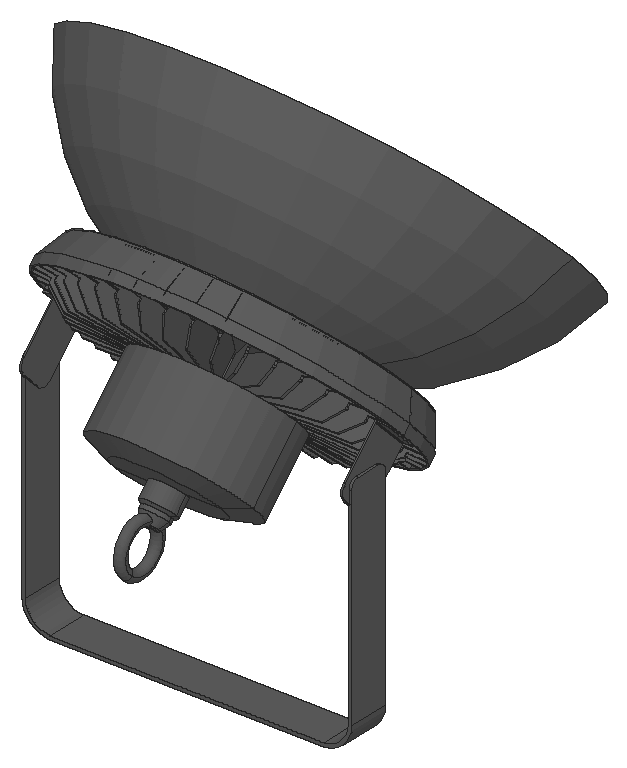
Revit family "0039366+0039354+0039357 Sylvania Lighting Fixture START HighBay IP65 DALI 19000lm 840 WB with BRACKET and ALU SHADE BLACK COLOR FOR 13 19KLM", category Lighting Fixtures, host Face, Revit 2016 (continued)
Definition of nested family "Start LED Highbay DALI Head"
  Nested families
    nested 6: "Start Highbay Rib" at (0, 0, 80.875) x (0.7071, 0.7071, 0) z (0, 0, 1), type "Type Name", detail levels medium+fine
      with SuspensionHeight_FEILO 2.6 mm, WidthStraight_FEILO 4.7 mm, WidthRingChamfer_FEILO 12.9 mm, WidthCurved_FEILO 26.2 mm, WidthCurvedRing_FEILO 4.7 mm, SizeS_FEILO no, Rib4_FEILO 14.6 mm, Rib3_FEILO 20.2 mm, Rib2_FEILO 4.5 mm, Rib1_FEILO 19 mm, RadiusDiffuser_FEILO 120 mm, RHRadius3_FEILO 8.6 mm, RHRadius2_FEILO 14 mm, RHRadius1_FEILO 17.7 mm, RHHeight4_FEILO 9.2 mm, RHHeight3_FEILO 4.6 mm, RHHeight2_FEILO 2.6 mm, RHHeight1_FEILO 17.4 mm, HeightRing_FEILO 36.8 mm, HeightRingChamfer_FEILO 26.6 mm, EyeThickness_FEILO 10.5 mm, EyeThicknessHalf_FEILO 5.25 mm, EyeInner_FEILO 17.3 mm, DriverVerticalStraight_FEILO 57 mm, DriverVerticalChamfer_FEILO 9.5 mm, DriverRadius_FEILO 76.4 mm, DriverRadiusTop_FEILO 52.4 mm, DriverBottom_FEILO 74 mm, Radius_FEILO 169.5 mm
    nested 7: "Start Highbay Rib" at (0, 0, 80.875) x (0.5878, 0.809, 0) z (0, 0, 1), type "Type Name", detail levels medium+fine
      with SuspensionHeight_FEILO 2.6 mm, WidthStraight_FEILO 4.7 mm, WidthRingChamfer_FEILO 12.9 mm, WidthCurved_FEILO 26.2 mm, WidthCurvedRing_FEILO 4.7 mm, SizeS_FEILO no, Rib4_FEILO 14.6 mm, Rib3_FEILO 20.2 mm, Rib2_FEILO 4.5 mm, Rib1_FEILO 19 mm, RadiusDiffuser_FEILO 120 mm, RHRadius3_FEILO 8.6 mm, RHRadius2_FEILO 14 mm, RHRadius1_FEILO 17.7 mm, RHHeight4_FEILO 9.2 mm, RHHeight3_FEILO 4.6 mm, RHHeight2_FEILO 2.6 mm, RHHeight1_FEILO 17.4 mm, HeightRing_FEILO 36.8 mm, HeightRingChamfer_FEILO 26.6 mm, EyeThickness_FEILO 10.5 mm, EyeThicknessHalf_FEILO 5.25 mm, EyeInner_FEILO 17.3 mm, DriverVerticalStraight_FEILO 57 mm, DriverVerticalChamfer_FEILO 9.5 mm, DriverRadius_FEILO 76.4 mm, DriverRadiusTop_FEILO 52.4 mm, DriverBottom_FEILO 74 mm, Radius_FEILO 169.5 mm
    nested 8: "Start Highbay Rib" at (0, 0, 80.875) x (0.454, 0.891, 0) z (0, 0, 1), type "Type Name", detail levels medium+fine
      with SuspensionHeight_FEILO 2.6 mm, WidthStraight_FEILO 4.7 mm, WidthRingChamfer_FEILO 12.9 mm, WidthCurved_FEILO 26.2 mm, WidthCurvedRing_FEILO 4.7 mm, SizeS_FEILO no, Rib4_FEILO 14.6 mm, Rib3_FEILO 20.2 mm, Rib2_FEILO 4.5 mm, Rib1_FEILO 19 mm, RadiusDiffuser_FEILO 120 mm, RHRadius3_FEILO 8.6 mm, RHRadius2_FEILO 14 mm, RHRadius1_FEILO 17.7 mm, RHHeight4_FEILO 9.2 mm, RHHeight3_FEILO 4.6 mm, RHHeight2_FEILO 2.6 mm, RHHeight1_FEILO 17.4 mm, HeightRing_FEILO 36.8 mm, HeightRingChamfer_FEILO 26.6 mm, EyeThickness_FEILO 10.5 mm, EyeThicknessHalf_FEILO 5.25 mm, EyeInner_FEILO 17.3 mm, DriverVerticalStraight_FEILO 57 mm, DriverVerticalChamfer_FEILO 9.5 mm, DriverRadius_FEILO 76.4 mm, DriverRadiusTop_FEILO 52.4 mm, DriverBottom_FEILO 74 mm, Radius_FEILO 169.5 mm
    nested 9: "Start Highbay Rib" at (0, 0, 80.875) x (0.309, 0.9511, 0) z (0, 0, 1), type "Type Name", detail levels medium+fine
      with SuspensionHeight_FEILO 2.6 mm, WidthStraight_FEILO 4.7 mm, WidthRingChamfer_FEILO 12.9 mm, WidthCurved_FEILO 26.2 mm, WidthCurvedRing_FEILO 4.7 mm, SizeS_FEILO no, Rib4_FEILO 14.6 mm, Rib3_FEILO 20.2 mm, Rib2_FEILO 4.5 mm, Rib1_FEILO 19 mm, RadiusDiffuser_FEILO 120 mm, RHRadius3_FEILO 8.6 mm, RHRadius2_FEILO 14 mm, RHRadius1_FEILO 17.7 mm, RHHeight4_FEILO 9.2 mm, RHHeight3_FEILO 4.6 mm, RHHeight2_FEILO 2.6 mm, RHHeight1_FEILO 17.4 mm, HeightRing_FEILO 36.8 mm, HeightRingChamfer_FEILO 26.6 mm, EyeThickness_FEILO 10.5 mm, EyeThicknessHalf_FEILO 5.25 mm, EyeInner_FEILO 17.3 mm, DriverVerticalStraight_FEILO 57 mm, DriverVerticalChamfer_FEILO 9.5 mm, DriverRadius_FEILO 76.4 mm, DriverRadiusTop_FEILO 52.4 mm, DriverBottom_FEILO 74 mm, Radius_FEILO 169.5 mm
    nested 10: "Start Highbay Rib" at (0, 0, 80.875) x (0.1564, 0.9877, 0) z (0, 0, 1), type "Type Name", detail levels medium+fine
      with SuspensionHeight_FEILO 2.6 mm, WidthStraight_FEILO 4.7 mm, WidthRingChamfer_FEILO 12.9 mm, WidthCurved_FEILO 26.2 mm, WidthCurvedRing_FEILO 4.7 mm, SizeS_FEILO no, Rib4_FEILO 14.6 mm, Rib3_FEILO 20.2 mm, Rib2_FEILO 4.5 mm, Rib1_FEILO 19 mm, RadiusDiffuser_FEILO 120 mm, RHRadius3_FEILO 8.6 mm, RHRadius2_FEILO 14 mm, RHRadius1_FEILO 17.7 mm, RHHeight4_FEILO 9.2 mm, RHHeight3_FEILO 4.6 mm, RHHeight2_FEILO 2.6 mm, RHHeight1_FEILO 17.4 mm, HeightRing_FEILO 36.8 mm, HeightRingChamfer_FEILO 26.6 mm, EyeThickness_FEILO 10.5 mm, EyeThicknessHalf_FEILO 5.25 mm, EyeInner_FEILO 17.3 mm, DriverVerticalStraight_FEILO 57 mm, DriverVerticalChamfer_FEILO 9.5 mm, DriverRadius_FEILO 76.4 mm, DriverRadiusTop_FEILO 52.4 mm, DriverBottom_FEILO 74 mm, Radius_FEILO 169.5 mm
    nested 11: "Start Highbay Rib" at (0, 0, 80.875) x (0, 1, 0) z (0, 0, 1), type "Type Name", detail levels medium+fine
      with SuspensionHeight_FEILO 2.6 mm, WidthStraight_FEILO 4.7 mm, WidthRingChamfer_FEILO 12.9 mm, WidthCurved_FEILO 26.2 mm, WidthCurvedRing_FEILO 4.7 mm, SizeS_FEILO no, Rib4_FEILO 14.6 mm, Rib3_FEILO 20.2 mm, Rib2_FEILO 4.5 mm, Rib1_FEILO 19 mm, RadiusDiffuser_FEILO 120 mm, RHRadius3_FEILO 8.6 mm, RHRadius2_FEILO 14 mm, RHRadius1_FEILO 17.7 mm, RHHeight4_FEILO 9.2 mm, RHHeight3_FEILO 4.6 mm, RHHeight2_FEILO 2.6 mm, RHHeight1_FEILO 17.4 mm, HeightRing_FEILO 36.8 mm, HeightRingChamfer_FEILO 26.6 mm, EyeThickness_FEILO 10.5 mm, EyeThicknessHalf_FEILO 5.25 mm, EyeInner_FEILO 17.3 mm, DriverVerticalStraight_FEILO 57 mm, DriverVerticalChamfer_FEILO 9.5 mm, DriverRadius_FEILO 76.4 mm, DriverRadiusTop_FEILO 52.4 mm, DriverBottom_FEILO 74 mm, Radius_FEILO 169.5 mm
    nested 12: "Start Highbay Rib" at (0, 0, 80.875) x (-0.1564, 0.9877, 0) z (0, 0, 1), type "Type Name", detail levels medium+fine
      with SuspensionHeight_FEILO 2.6 mm, WidthStraight_FEILO 4.7 mm, WidthRingChamfer_FEILO 12.9 mm, WidthCurved_FEILO 26.2 mm, WidthCurvedRing_FEILO 4.7 mm, SizeS_FEILO no, Rib4_FEILO 14.6 mm, Rib3_FEILO 20.2 mm, Rib2_FEILO 4.5 mm, Rib1_FEILO 19 mm, RadiusDiffuser_FEILO 120 mm, RHRadius3_FEILO 8.6 mm, RHRadius2_FEILO 14 mm, RHRadius1_FEILO 17.7 mm, RHHeight4_FEILO 9.2 mm, RHHeight3_FEILO 4.6 mm, RHHeight2_FEILO 2.6 mm, RHHeight1_FEILO 17.4 mm, HeightRing_FEILO 36.8 mm, HeightRingChamfer_FEILO 26.6 mm, EyeThickness_FEILO 10.5 mm, EyeThicknessHalf_FEILO 5.25 mm, EyeInner_FEILO 17.3 mm, DriverVerticalStraight_FEILO 57 mm, DriverVerticalChamfer_FEILO 9.5 mm, DriverRadius_FEILO 76.4 mm, DriverRadiusTop_FEILO 52.4 mm, DriverBottom_FEILO 74 mm, Radius_FEILO 169.5 mm
    nested 13: "Start Highbay Rib" at (0, 0, 80.875) x (-0.309, 0.9511, 0) z (0, 0, 1), type "Type Name", detail levels medium+fine
      with SuspensionHeight_FEILO 2.6 mm, WidthStraight_FEILO 4.7 mm, WidthRingChamfer_FEILO 12.9 mm, WidthCurved_FEILO 26.2 mm, WidthCurvedRing_FEILO 4.7 mm, SizeS_FEILO no, Rib4_FEILO 14.6 mm, Rib3_FEILO 20.2 mm, Rib2_FEILO 4.5 mm, Rib1_FEILO 19 mm, RadiusDiffuser_FEILO 120 mm, RHRadius3_FEILO 8.6 mm, RHRadius2_FEILO 14 mm, RHRadius1_FEILO 17.7 mm, RHHeight4_FEILO 9.2 mm, RHHeight3_FEILO 4.6 mm, RHHeight2_FEILO 2.6 mm, RHHeight1_FEILO 17.4 mm, HeightRing_FEILO 36.8 mm, HeightRingChamfer_FEILO 26.6 mm, EyeThickness_FEILO 10.5 mm, EyeThicknessHalf_FEILO 5.25 mm, EyeInner_FEILO 17.3 mm, DriverVerticalStraight_FEILO 57 mm, DriverVerticalChamfer_FEILO 9.5 mm, DriverRadius_FEILO 76.4 mm, DriverRadiusTop_FEILO 52.4 mm, DriverBottom_FEILO 74 mm, Radius_FEILO 169.5 mm
    nested 14: "Start Highbay Rib" at (0, 0, 80.875) x (-0.454, 0.891, 0) z (0, 0, 1), type "Type Name", detail levels medium+fine
      with SuspensionHeight_FEILO 2.6 mm, WidthStraight_FEILO 4.7 mm, WidthRingChamfer_FEILO 12.9 mm, WidthCurved_FEILO 26.2 mm, WidthCurvedRing_FEILO 4.7 mm, SizeS_FEILO no, Rib4_FEILO 14.6 mm, Rib3_FEILO 20.2 mm, Rib2_FEILO 4.5 mm, Rib1_FEILO 19 mm, RadiusDiffuser_FEILO 120 mm, RHRadius3_FEILO 8.6 mm, RHRadius2_FEILO 14 mm, RHRadius1_FEILO 17.7 mm, RHHeight4_FEILO 9.2 mm, RHHeight3_FEILO 4.6 mm, RHHeight2_FEILO 2.6 mm, RHHeight1_FEILO 17.4 mm, HeightRing_FEILO 36.8 mm, HeightRingChamfer_FEILO 26.6 mm, EyeThickness_FEILO 10.5 mm, EyeThicknessHalf_FEILO 5.25 mm, EyeInner_FEILO 17.3 mm, DriverVerticalStraight_FEILO 57 mm, DriverVerticalChamfer_FEILO 9.5 mm, DriverRadius_FEILO 76.4 mm, DriverRadiusTop_FEILO 52.4 mm, DriverBottom_FEILO 74 mm, Radius_FEILO 169.5 mm
    nested 15: "Start Highbay Rib" at (0, 0, 80.875) x (-0.5878, 0.809, 0) z (0, 0, 1), type "Type Name", detail levels medium+fine
      with SuspensionHeight_FEILO 2.6 mm, WidthStraight_FEILO 4.7 mm, WidthRingChamfer_FEILO 12.9 mm, WidthCurved_FEILO 26.2 mm, WidthCurvedRing_FEILO 4.7 mm, SizeS_FEILO no, Rib4_FEILO 14.6 mm, Rib3_FEILO 20.2 mm, Rib2_FEILO 4.5 mm, Rib1_FEILO 19 mm, RadiusDiffuser_FEILO 120 mm, RHRadius3_FEILO 8.6 mm, RHRadius2_FEILO 14 mm, RHRadius1_FEILO 17.7 mm, RHHeight4_FEILO 9.2 mm, RHHeight3_FEILO 4.6 mm, RHHeight2_FEILO 2.6 mm, RHHeight1_FEILO 17.4 mm, HeightRing_FEILO 36.8 mm, HeightRingChamfer_FEILO 26.6 mm, EyeThickness_FEILO 10.5 mm, EyeThicknessHalf_FEILO 5.25 mm, EyeInner_FEILO 17.3 mm, DriverVerticalStraight_FEILO 57 mm, DriverVerticalChamfer_FEILO 9.5 mm, DriverRadius_FEILO 76.4 mm, DriverRadiusTop_FEILO 52.4 mm, DriverBottom_FEILO 74 mm, Radius_FEILO 169.5 mm
    nested 16: "Start Highbay Rib" at (0, 0, 80.875) x (-0.7071, 0.7071, 0) z (0, 0, 1), type "Type Name", detail levels medium+fine
      with SuspensionHeight_FEILO 2.6 mm, WidthStraight_FEILO 4.7 mm, WidthRingChamfer_FEILO 12.9 mm, WidthCurved_FEILO 26.2 mm, WidthCurvedRing_FEILO 4.7 mm, SizeS_FEILO no, Rib4_FEILO 14.6 mm, Rib3_FEILO 20.2 mm, Rib2_FEILO 4.5 mm, Rib1_FEILO 19 mm, RadiusDiffuser_FEILO 120 mm, RHRadius3_FEILO 8.6 mm, RHRadius2_FEILO 14 mm, RHRadius1_FEILO 17.7 mm, RHHeight4_FEILO 9.2 mm, RHHeight3_FEILO 4.6 mm, RHHeight2_FEILO 2.6 mm, RHHeight1_FEILO 17.4 mm, HeightRing_FEILO 36.8 mm, HeightRingChamfer_FEILO 26.6 mm, EyeThickness_FEILO 10.5 mm, EyeThicknessHalf_FEILO 5.25 mm, EyeInner_FEILO 17.3 mm, DriverVerticalStraight_FEILO 57 mm, DriverVerticalChamfer_FEILO 9.5 mm, DriverRadius_FEILO 76.4 mm, DriverRadiusTop_FEILO 52.4 mm, DriverBottom_FEILO 74 mm, Radius_FEILO 169.5 mm
    nested 17: "Start Highbay Rib" at (0, 0, 80.875) x (-0.809, 0.5878, 0) z (0, 0, 1), type "Type Name", detail levels medium+fine
      with SuspensionHeight_FEILO 2.6 mm, WidthStraight_FEILO 4.7 mm, WidthRingChamfer_FEILO 12.9 mm, WidthCurved_FEILO 26.2 mm, WidthCurvedRing_FEILO 4.7 mm, SizeS_FEILO no, Rib4_FEILO 14.6 mm, Rib3_FEILO 20.2 mm, Rib2_FEILO 4.5 mm, Rib1_FEILO 19 mm, RadiusDiffuser_FEILO 120 mm, RHRadius3_FEILO 8.6 mm, RHRadius2_FEILO 14 mm, RHRadius1_FEILO 17.7 mm, RHHeight4_FEILO 9.2 mm, RHHeight3_FEILO 4.6 mm, RHHeight2_FEILO 2.6 mm, RHHeight1_FEILO 17.4 mm, HeightRing_FEILO 36.8 mm, HeightRingChamfer_FEILO 26.6 mm, EyeThickness_FEILO 10.5 mm, EyeThicknessHalf_FEILO 5.25 mm, EyeInner_FEILO 17.3 mm, DriverVerticalStraight_FEILO 57 mm, DriverVerticalChamfer_FEILO 9.5 mm, DriverRadius_FEILO 76.4 mm, DriverRadiusTop_FEILO 52.4 mm, DriverBottom_FEILO 74 mm, Radius_FEILO 169.5 mm
    nested 18: "Start Highbay Rib" at (0, 0, 80.875) x (-0.891, 0.454, 0) z (0, 0, 1), type "Type Name", detail levels medium+fine
      with SuspensionHeight_FEILO 2.6 mm, WidthStraight_FEILO 4.7 mm, WidthRingChamfer_FEILO 12.9 mm, WidthCurved_FEILO 26.2 mm, WidthCurvedRing_FEILO 4.7 mm, SizeS_FEILO no, Rib4_FEILO 14.6 mm, Rib3_FEILO 20.2 mm, Rib2_FEILO 4.5 mm, Rib1_FEILO 19 mm, RadiusDiffuser_FEILO 120 mm, RHRadius3_FEILO 8.6 mm, RHRadius2_FEILO 14 mm, RHRadius1_FEILO 17.7 mm, RHHeight4_FEILO 9.2 mm, RHHeight3_FEILO 4.6 mm, RHHeight2_FEILO 2.6 mm, RHHeight1_FEILO 17.4 mm, HeightRing_FEILO 36.8 mm, HeightRingChamfer_FEILO 26.6 mm, EyeThickness_FEILO 10.5 mm, EyeThicknessHalf_FEILO 5.25 mm, EyeInner_FEILO 17.3 mm, DriverVerticalStraight_FEILO 57 mm, DriverVerticalChamfer_FEILO 9.5 mm, DriverRadius_FEILO 76.4 mm, DriverRadiusTop_FEILO 52.4 mm, DriverBottom_FEILO 74 mm, Radius_FEILO 169.5 mm
    nested 19: "Start Highbay Rib" at (0, 0, 80.875) x (-0.9511, 0.309, 0) z (0, 0, 1), type "Type Name", detail levels medium+fine
      with SuspensionHeight_FEILO 2.6 mm, WidthStraight_FEILO 4.7 mm, WidthRingChamfer_FEILO 12.9 mm, WidthCurved_FEILO 26.2 mm, WidthCurvedRing_FEILO 4.7 mm, SizeS_FEILO no, Rib4_FEILO 14.6 mm, Rib3_FEILO 20.2 mm, Rib2_FEILO 4.5 mm, Rib1_FEILO 19 mm, RadiusDiffuser_FEILO 120 mm, RHRadius3_FEILO 8.6 mm, RHRadius2_FEILO 14 mm, RHRadius1_FEILO 17.7 mm, RHHeight4_FEILO 9.2 mm, RHHeight3_FEILO 4.6 mm, RHHeight2_FEILO 2.6 mm, RHHeight1_FEILO 17.4 mm, HeightRing_FEILO 36.8 mm, HeightRingChamfer_FEILO 26.6 mm, EyeThickness_FEILO 10.5 mm, EyeThicknessHalf_FEILO 5.25 mm, EyeInner_FEILO 17.3 mm, DriverVerticalStraight_FEILO 57 mm, DriverVerticalChamfer_FEILO 9.5 mm, DriverRadius_FEILO 76.4 mm, DriverRadiusTop_FEILO 52.4 mm, DriverBottom_FEILO 74 mm, Radius_FEILO 169.5 mm
    nested 20: "Start Highbay Rib" at (0, 0, 80.875) x (-0.9877, 0.1564, 0) z (0, 0, 1), type "Type Name", detail levels medium+fine
      with SuspensionHeight_FEILO 2.6 mm, WidthStraight_FEILO 4.7 mm, WidthRingChamfer_FEILO 12.9 mm, WidthCurved_FEILO 26.2 mm, WidthCurvedRing_FEILO 4.7 mm, SizeS_FEILO no, Rib4_FEILO 14.6 mm, Rib3_FEILO 20.2 mm, Rib2_FEILO 4.5 mm, Rib1_FEILO 19 mm, RadiusDiffuser_FEILO 120 mm, RHRadius3_FEILO 8.6 mm, RHRadius2_FEILO 14 mm, RHRadius1_FEILO 17.7 mm, RHHeight4_FEILO 9.2 mm, RHHeight3_FEILO 4.6 mm, RHHeight2_FEILO 2.6 mm, RHHeight1_FEILO 17.4 mm, HeightRing_FEILO 36.8 mm, HeightRingChamfer_FEILO 26.6 mm, EyeThickness_FEILO 10.5 mm, EyeThicknessHalf_FEILO 5.25 mm, EyeInner_FEILO 17.3 mm, DriverVerticalStraight_FEILO 57 mm, DriverVerticalChamfer_FEILO 9.5 mm, DriverRadius_FEILO 76.4 mm, DriverRadiusTop_FEILO 52.4 mm, DriverBottom_FEILO 74 mm, Radius_FEILO 169.5 mm
    nested 21: "Start Highbay Rib" at (0, 0, 80.875) x (-1, 0, 0) z (0, 0, 1), type "Type Name", detail levels medium+fine
      with SuspensionHeight_FEILO 2.6 mm, WidthStraight_FEILO 4.7 mm, WidthRingChamfer_FEILO 12.9 mm, WidthCurved_FEILO 26.2 mm, WidthCurvedRing_FEILO 4.7 mm, SizeS_FEILO no, Rib4_FEILO 14.6 mm, Rib3_FEILO 20.2 mm, Rib2_FEILO 4.5 mm, Rib1_FEILO 19 mm, RadiusDiffuser_FEILO 120 mm, RHRadius3_FEILO 8.6 mm, RHRadius2_FEILO 14 mm, RHRadius1_FEILO 17.7 mm, RHHeight4_FEILO 9.2 mm, RHHeight3_FEILO 4.6 mm, RHHeight2_FEILO 2.6 mm, RHHeight1_FEILO 17.4 mm, HeightRing_FEILO 36.8 mm, HeightRingChamfer_FEILO 26.6 mm, EyeThickness_FEILO 10.5 mm, EyeThicknessHalf_FEILO 5.25 mm, EyeInner_FEILO 17.3 mm, DriverVerticalStraight_FEILO 57 mm, DriverVerticalChamfer_FEILO 9.5 mm, DriverRadius_FEILO 76.4 mm, DriverRadiusTop_FEILO 52.4 mm, DriverBottom_FEILO 74 mm, Radius_FEILO 169.5 mm
    nested 22: "Start Highbay Rib" at (0, 0, 80.875) x (-0.9877, -0.1564, 0) z (0, 0, 1), type "Type Name", detail levels medium+fine
      with SuspensionHeight_FEILO 2.6 mm, WidthStraight_FEILO 4.7 mm, WidthRingChamfer_FEILO 12.9 mm, WidthCurved_FEILO 26.2 mm, WidthCurvedRing_FEILO 4.7 mm, SizeS_FEILO no, Rib4_FEILO 14.6 mm, Rib3_FEILO 20.2 mm, Rib2_FEILO 4.5 mm, Rib1_FEILO 19 mm, RadiusDiffuser_FEILO 120 mm, RHRadius3_FEILO 8.6 mm, RHRadius2_FEILO 14 mm, RHRadius1_FEILO 17.7 mm, RHHeight4_FEILO 9.2 mm, RHHeight3_FEILO 4.6 mm, RHHeight2_FEILO 2.6 mm, RHHeight1_FEILO 17.4 mm, HeightRing_FEILO 36.8 mm, HeightRingChamfer_FEILO 26.6 mm, EyeThickness_FEILO 10.5 mm, EyeThicknessHalf_FEILO 5.25 mm, EyeInner_FEILO 17.3 mm, DriverVerticalStraight_FEILO 57 mm, DriverVerticalChamfer_FEILO 9.5 mm, DriverRadius_FEILO 76.4 mm, DriverRadiusTop_FEILO 52.4 mm, DriverBottom_FEILO 74 mm, Radius_FEILO 169.5 mm
    nested 23: "Start Highbay Rib" at (0, 0, 80.875) x (-0.9511, -0.309, 0) z (0, 0, 1), type "Type Name", detail levels medium+fine
      with SuspensionHeight_FEILO 2.6 mm, WidthStraight_FEILO 4.7 mm, WidthRingChamfer_FEILO 12.9 mm, WidthCurved_FEILO 26.2 mm, WidthCurvedRing_FEILO 4.7 mm, SizeS_FEILO no, Rib4_FEILO 14.6 mm, Rib3_FEILO 20.2 mm, Rib2_FEILO 4.5 mm, Rib1_FEILO 19 mm, RadiusDiffuser_FEILO 120 mm, RHRadius3_FEILO 8.6 mm, RHRadius2_FEILO 14 mm, RHRadius1_FEILO 17.7 mm, RHHeight4_FEILO 9.2 mm, RHHeight3_FEILO 4.6 mm, RHHeight2_FEILO 2.6 mm, RHHeight1_FEILO 17.4 mm, HeightRing_FEILO 36.8 mm, HeightRingChamfer_FEILO 26.6 mm, EyeThickness_FEILO 10.5 mm, EyeThicknessHalf_FEILO 5.25 mm, EyeInner_FEILO 17.3 mm, DriverVerticalStraight_FEILO 57 mm, DriverVerticalChamfer_FEILO 9.5 mm, DriverRadius_FEILO 76.4 mm, DriverRadiusTop_FEILO 52.4 mm, DriverBottom_FEILO 74 mm, Radius_FEILO 169.5 mm
    nested 24: "Start Highbay Rib" at (0, 0, 80.875) x (-0.891, -0.454, 0) z (0, 0, 1), type "Type Name", detail levels medium+fine
      with SuspensionHeight_FEILO 2.6 mm, WidthStraight_FEILO 4.7 mm, WidthRingChamfer_FEILO 12.9 mm, WidthCurved_FEILO 26.2 mm, WidthCurvedRing_FEILO 4.7 mm, SizeS_FEILO no, Rib4_FEILO 14.6 mm, Rib3_FEILO 20.2 mm, Rib2_FEILO 4.5 mm, Rib1_FEILO 19 mm, RadiusDiffuser_FEILO 120 mm, RHRadius3_FEILO 8.6 mm, RHRadius2_FEILO 14 mm, RHRadius1_FEILO 17.7 mm, RHHeight4_FEILO 9.2 mm, RHHeight3_FEILO 4.6 mm, RHHeight2_FEILO 2.6 mm, RHHeight1_FEILO 17.4 mm, HeightRing_FEILO 36.8 mm, HeightRingChamfer_FEILO 26.6 mm, EyeThickness_FEILO 10.5 mm, EyeThicknessHalf_FEILO 5.25 mm, EyeInner_FEILO 17.3 mm, DriverVerticalStraight_FEILO 57 mm, DriverVerticalChamfer_FEILO 9.5 mm, DriverRadius_FEILO 76.4 mm, DriverRadiusTop_FEILO 52.4 mm, DriverBottom_FEILO 74 mm, Radius_FEILO 169.5 mm
    nested 25: "Start Highbay Rib" at (0, 0, 80.875) x (-0.809, -0.5878, 0) z (0, 0, 1), type "Type Name", detail levels medium+fine
      with SuspensionHeight_FEILO 2.6 mm, WidthStraight_FEILO 4.7 mm, WidthRingChamfer_FEILO 12.9 mm, WidthCurved_FEILO 26.2 mm, WidthCurvedRing_FEILO 4.7 mm, SizeS_FEILO no, Rib4_FEILO 14.6 mm, Rib3_FEILO 20.2 mm, Rib2_FEILO 4.5 mm, Rib1_FEILO 19 mm, RadiusDiffuser_FEILO 120 mm, RHRadius3_FEILO 8.6 mm, RHRadius2_FEILO 14 mm, RHRadius1_FEILO 17.7 mm, RHHeight4_FEILO 9.2 mm, RHHeight3_FEILO 4.6 mm, RHHeight2_FEILO 2.6 mm, RHHeight1_FEILO 17.4 mm, HeightRing_FEILO 36.8 mm, HeightRingChamfer_FEILO 26.6 mm, EyeThickness_FEILO 10.5 mm, EyeThicknessHalf_FEILO 5.25 mm, EyeInner_FEILO 17.3 mm, DriverVerticalStraight_FEILO 57 mm, DriverVerticalChamfer_FEILO 9.5 mm, DriverRadius_FEILO 76.4 mm, DriverRadiusTop_FEILO 52.4 mm, DriverBottom_FEILO 74 mm, Radius_FEILO 169.5 mm
    nested 26: "Start Highbay Rib" at (0, 0, 80.875) x (-0.7071, -0.7071, 0) z (0, 0, 1), type "Type Name", detail levels medium+fine
      with SuspensionHeight_FEILO 2.6 mm, WidthStraight_FEILO 4.7 mm, WidthRingChamfer_FEILO 12.9 mm, WidthCurved_FEILO 26.2 mm, WidthCurvedRing_FEILO 4.7 mm, SizeS_FEILO no, Rib4_FEILO 14.6 mm, Rib3_FEILO 20.2 mm, Rib2_FEILO 4.5 mm, Rib1_FEILO 19 mm, RadiusDiffuser_FEILO 120 mm, RHRadius3_FEILO 8.6 mm, RHRadius2_FEILO 14 mm, RHRadius1_FEILO 17.7 mm, RHHeight4_FEILO 9.2 mm, RHHeight3_FEILO 4.6 mm, RHHeight2_FEILO 2.6 mm, RHHeight1_FEILO 17.4 mm, HeightRing_FEILO 36.8 mm, HeightRingChamfer_FEILO 26.6 mm, EyeThickness_FEILO 10.5 mm, EyeThicknessHalf_FEILO 5.25 mm, EyeInner_FEILO 17.3 mm, DriverVerticalStraight_FEILO 57 mm, DriverVerticalChamfer_FEILO 9.5 mm, DriverRadius_FEILO 76.4 mm, DriverRadiusTop_FEILO 52.4 mm, DriverBottom_FEILO 74 mm, Radius_FEILO 169.5 mm
    nested 27: "Start Highbay Rib" at (0, 0, 80.875) x (-0.5878, -0.809, 0) z (0, 0, 1), type "Type Name", detail levels medium+fine
      with SuspensionHeight_FEILO 2.6 mm, WidthStraight_FEILO 4.7 mm, WidthRingChamfer_FEILO 12.9 mm, WidthCurved_FEILO 26.2 mm, WidthCurvedRing_FEILO 4.7 mm, SizeS_FEILO no, Rib4_FEILO 14.6 mm, Rib3_FEILO 20.2 mm, Rib2_FEILO 4.5 mm, Rib1_FEILO 19 mm, RadiusDiffuser_FEILO 120 mm, RHRadius3_FEILO 8.6 mm, RHRadius2_FEILO 14 mm, RHRadius1_FEILO 17.7 mm, RHHeight4_FEILO 9.2 mm, RHHeight3_FEILO 4.6 mm, RHHeight2_FEILO 2.6 mm, RHHeight1_FEILO 17.4 mm, HeightRing_FEILO 36.8 mm, HeightRingChamfer_FEILO 26.6 mm, EyeThickness_FEILO 10.5 mm, EyeThicknessHalf_FEILO 5.25 mm, EyeInner_FEILO 17.3 mm, DriverVerticalStraight_FEILO 57 mm, DriverVerticalChamfer_FEILO 9.5 mm, DriverRadius_FEILO 76.4 mm, DriverRadiusTop_FEILO 52.4 mm, DriverBottom_FEILO 74 mm, Radius_FEILO 169.5 mm
    nested 28: "Start Highbay Rib" at (0, 0, 80.875) x (-0.454, -0.891, 0) z (0, 0, 1), type "Type Name", detail levels medium+fine
      with SuspensionHeight_FEILO 2.6 mm, WidthStraight_FEILO 4.7 mm, WidthRingChamfer_FEILO 12.9 mm, WidthCurved_FEILO 26.2 mm, WidthCurvedRing_FEILO 4.7 mm, SizeS_FEILO no, Rib4_FEILO 14.6 mm, Rib3_FEILO 20.2 mm, Rib2_FEILO 4.5 mm, Rib1_FEILO 19 mm, RadiusDiffuser_FEILO 120 mm, RHRadius3_FEILO 8.6 mm, RHRadius2_FEILO 14 mm, RHRadius1_FEILO 17.7 mm, RHHeight4_FEILO 9.2 mm, RHHeight3_FEILO 4.6 mm, RHHeight2_FEILO 2.6 mm, RHHeight1_FEILO 17.4 mm, HeightRing_FEILO 36.8 mm, HeightRingChamfer_FEILO 26.6 mm, EyeThickness_FEILO 10.5 mm, EyeThicknessHalf_FEILO 5.25 mm, EyeInner_FEILO 17.3 mm, DriverVerticalStraight_FEILO 57 mm, DriverVerticalChamfer_FEILO 9.5 mm, DriverRadius_FEILO 76.4 mm, DriverRadiusTop_FEILO 52.4 mm, DriverBottom_FEILO 74 mm, Radius_FEILO 169.5 mm
    nested 29: "Start Highbay Rib" at (0, 0, 80.875) x (-0.309, -0.9511, 0) z (0, 0, 1), type "Type Name", detail levels medium+fine
      with SuspensionHeight_FEILO 2.6 mm, WidthStraight_FEILO 4.7 mm, WidthRingChamfer_FEILO 12.9 mm, WidthCurved_FEILO 26.2 mm, WidthCurvedRing_FEILO 4.7 mm, SizeS_FEILO no, Rib4_FEILO 14.6 mm, Rib3_FEILO 20.2 mm, Rib2_FEILO 4.5 mm, Rib1_FEILO 19 mm, RadiusDiffuser_FEILO 120 mm, RHRadius3_FEILO 8.6 mm, RHRadius2_FEILO 14 mm, RHRadius1_FEILO 17.7 mm, RHHeight4_FEILO 9.2 mm, RHHeight3_FEILO 4.6 mm, RHHeight2_FEILO 2.6 mm, RHHeight1_FEILO 17.4 mm, HeightRing_FEILO 36.8 mm, HeightRingChamfer_FEILO 26.6 mm, EyeThickness_FEILO 10.5 mm, EyeThicknessHalf_FEILO 5.25 mm, EyeInner_FEILO 17.3 mm, DriverVerticalStraight_FEILO 57 mm, DriverVerticalChamfer_FEILO 9.5 mm, DriverRadius_FEILO 76.4 mm, DriverRadiusTop_FEILO 52.4 mm, DriverBottom_FEILO 74 mm, Radius_FEILO 169.5 mm
    nested 30: "Start Highbay Rib" at (0, 0, 80.875) x (-0.1564, -0.9877, 0) z (0, 0, 1), type "Type Name", detail levels medium+fine
      with SuspensionHeight_FEILO 2.6 mm, WidthStraight_FEILO 4.7 mm, WidthRingChamfer_FEILO 12.9 mm, WidthCurved_FEILO 26.2 mm, WidthCurvedRing_FEILO 4.7 mm, SizeS_FEILO no, Rib4_FEILO 14.6 mm, Rib3_FEILO 20.2 mm, Rib2_FEILO 4.5 mm, Rib1_FEILO 19 mm, RadiusDiffuser_FEILO 120 mm, RHRadius3_FEILO 8.6 mm, RHRadius2_FEILO 14 mm, RHRadius1_FEILO 17.7 mm, RHHeight4_FEILO 9.2 mm, RHHeight3_FEILO 4.6 mm, RHHeight2_FEILO 2.6 mm, RHHeight1_FEILO 17.4 mm, HeightRing_FEILO 36.8 mm, HeightRingChamfer_FEILO 26.6 mm, EyeThickness_FEILO 10.5 mm, EyeThicknessHalf_FEILO 5.25 mm, EyeInner_FEILO 17.3 mm, DriverVerticalStraight_FEILO 57 mm, DriverVerticalChamfer_FEILO 9.5 mm, DriverRadius_FEILO 76.4 mm, DriverRadiusTop_FEILO 52.4 mm, DriverBottom_FEILO 74 mm, Radius_FEILO 169.5 mm
    nested 31: "Start Highbay Rib" at (0, 0, 80.875) x (0, -1, 0) z (0, 0, 1), type "Type Name", detail levels medium+fine
      with SuspensionHeight_FEILO 2.6 mm, WidthStraight_FEILO 4.7 mm, WidthRingChamfer_FEILO 12.9 mm, WidthCurved_FEILO 26.2 mm, WidthCurvedRing_FEILO 4.7 mm, SizeS_FEILO no, Rib4_FEILO 14.6 mm, Rib3_FEILO 20.2 mm, Rib2_FEILO 4.5 mm, Rib1_FEILO 19 mm, RadiusDiffuser_FEILO 120 mm, RHRadius3_FEILO 8.6 mm, RHRadius2_FEILO 14 mm, RHRadius1_FEILO 17.7 mm, RHHeight4_FEILO 9.2 mm, RHHeight3_FEILO 4.6 mm, RHHeight2_FEILO 2.6 mm, RHHeight1_FEILO 17.4 mm, HeightRing_FEILO 36.8 mm, HeightRingChamfer_FEILO 26.6 mm, EyeThickness_FEILO 10.5 mm, EyeThicknessHalf_FEILO 5.25 mm, EyeInner_FEILO 17.3 mm, DriverVerticalStraight_FEILO 57 mm, DriverVerticalChamfer_FEILO 9.5 mm, DriverRadius_FEILO 76.4 mm, DriverRadiusTop_FEILO 52.4 mm, DriverBottom_FEILO 74 mm, Radius_FEILO 169.5 mm
    nested 32: "Start Highbay Rib" at (0, 0, 80.875) x (0.1564, -0.9877, 0) z (0, 0, 1), type "Type Name", detail levels medium+fine
      with SuspensionHeight_FEILO 2.6 mm, WidthStraight_FEILO 4.7 mm, WidthRingChamfer_FEILO 12.9 mm, WidthCurved_FEILO 26.2 mm, WidthCurvedRing_FEILO 4.7 mm, SizeS_FEILO no, Rib4_FEILO 14.6 mm, Rib3_FEILO 20.2 mm, Rib2_FEILO 4.5 mm, Rib1_FEILO 19 mm, RadiusDiffuser_FEILO 120 mm, RHRadius3_FEILO 8.6 mm, RHRadius2_FEILO 14 mm, RHRadius1_FEILO 17.7 mm, RHHeight4_FEILO 9.2 mm, RHHeight3_FEILO 4.6 mm, RHHeight2_FEILO 2.6 mm, RHHeight1_FEILO 17.4 mm, HeightRing_FEILO 36.8 mm, HeightRingChamfer_FEILO 26.6 mm, EyeThickness_FEILO 10.5 mm, EyeThicknessHalf_FEILO 5.25 mm, EyeInner_FEILO 17.3 mm, DriverVerticalStraight_FEILO 57 mm, DriverVerticalChamfer_FEILO 9.5 mm, DriverRadius_FEILO 76.4 mm, DriverRadiusTop_FEILO 52.4 mm, DriverBottom_FEILO 74 mm, Radius_FEILO 169.5 mm
    nested 33: "Start Highbay Rib" at (0, 0, 80.875) x (0.309, -0.9511, 0) z (0, 0, 1), type "Type Name", detail levels medium+fine
      with SuspensionHeight_FEILO 2.6 mm, WidthStraight_FEILO 4.7 mm, WidthRingChamfer_FEILO 12.9 mm, WidthCurved_FEILO 26.2 mm, WidthCurvedRing_FEILO 4.7 mm, SizeS_FEILO no, Rib4_FEILO 14.6 mm, Rib3_FEILO 20.2 mm, Rib2_FEILO 4.5 mm, Rib1_FEILO 19 mm, RadiusDiffuser_FEILO 120 mm, RHRadius3_FEILO 8.6 mm, RHRadius2_FEILO 14 mm, RHRadius1_FEILO 17.7 mm, RHHeight4_FEILO 9.2 mm, RHHeight3_FEILO 4.6 mm, RHHeight2_FEILO 2.6 mm, RHHeight1_FEILO 17.4 mm, HeightRing_FEILO 36.8 mm, HeightRingChamfer_FEILO 26.6 mm, EyeThickness_FEILO 10.5 mm, EyeThicknessHalf_FEILO 5.25 mm, EyeInner_FEILO 17.3 mm, DriverVerticalStraight_FEILO 57 mm, DriverVerticalChamfer_FEILO 9.5 mm, DriverRadius_FEILO 76.4 mm, DriverRadiusTop_FEILO 52.4 mm, DriverBottom_FEILO 74 mm, Radius_FEILO 169.5 mm
    nested 34: "Start Highbay Rib" at (0, 0, 80.875) x (0.454, -0.891, 0) z (0, 0, 1), type "Type Name", detail levels medium+fine
      with SuspensionHeight_FEILO 2.6 mm, WidthStraight_FEILO 4.7 mm, WidthRingChamfer_FEILO 12.9 mm, WidthCurved_FEILO 26.2 mm, WidthCurvedRing_FEILO 4.7 mm, SizeS_FEILO no, Rib4_FEILO 14.6 mm, Rib3_FEILO 20.2 mm, Rib2_FEILO 4.5 mm, Rib1_FEILO 19 mm, RadiusDiffuser_FEILO 120 mm, RHRadius3_FEILO 8.6 mm, RHRadius2_FEILO 14 mm, RHRadius1_FEILO 17.7 mm, RHHeight4_FEILO 9.2 mm, RHHeight3_FEILO 4.6 mm, RHHeight2_FEILO 2.6 mm, RHHeight1_FEILO 17.4 mm, HeightRing_FEILO 36.8 mm, HeightRingChamfer_FEILO 26.6 mm, EyeThickness_FEILO 10.5 mm, EyeThicknessHalf_FEILO 5.25 mm, EyeInner_FEILO 17.3 mm, DriverVerticalStraight_FEILO 57 mm, DriverVerticalChamfer_FEILO 9.5 mm, DriverRadius_FEILO 76.4 mm, DriverRadiusTop_FEILO 52.4 mm, DriverBottom_FEILO 74 mm, Radius_FEILO 169.5 mm
    nested 35: "Start Highbay Rib" at (0, 0, 80.875) x (0.5878, -0.809, 0) z (0, 0, 1), type "Type Name", detail levels medium+fine
      with SuspensionHeight_FEILO 2.6 mm, WidthStraight_FEILO 4.7 mm, WidthRingChamfer_FEILO 12.9 mm, WidthCurved_FEILO 26.2 mm, WidthCurvedRing_FEILO 4.7 mm, SizeS_FEILO no, Rib4_FEILO 14.6 mm, Rib3_FEILO 20.2 mm, Rib2_FEILO 4.5 mm, Rib1_FEILO 19 mm, RadiusDiffuser_FEILO 120 mm, RHRadius3_FEILO 8.6 mm, RHRadius2_FEILO 14 mm, RHRadius1_FEILO 17.7 mm, RHHeight4_FEILO 9.2 mm, RHHeight3_FEILO 4.6 mm, RHHeight2_FEILO 2.6 mm, RHHeight1_FEILO 17.4 mm, HeightRing_FEILO 36.8 mm, HeightRingChamfer_FEILO 26.6 mm, EyeThickness_FEILO 10.5 mm, EyeThicknessHalf_FEILO 5.25 mm, EyeInner_FEILO 17.3 mm, DriverVerticalStraight_FEILO 57 mm, DriverVerticalChamfer_FEILO 9.5 mm, DriverRadius_FEILO 76.4 mm, DriverRadiusTop_FEILO 52.4 mm, DriverBottom_FEILO 74 mm, Radius_FEILO 169.5 mm
    nested 36: "Start Highbay Rib" at (0, 0, 80.875) x (0.7071, -0.7071, 0) z (0, 0, 1), type "Type Name", detail levels medium+fine
      with SuspensionHeight_FEILO 2.6 mm, WidthStraight_FEILO 4.7 mm, WidthRingChamfer_FEILO 12.9 mm, WidthCurved_FEILO 26.2 mm, WidthCurvedRing_FEILO 4.7 mm, SizeS_FEILO no, Rib4_FEILO 14.6 mm, Rib3_FEILO 20.2 mm, Rib2_FEILO 4.5 mm, Rib1_FEILO 19 mm, RadiusDiffuser_FEILO 120 mm, RHRadius3_FEILO 8.6 mm, RHRadius2_FEILO 14 mm, RHRadius1_FEILO 17.7 mm, RHHeight4_FEILO 9.2 mm, RHHeight3_FEILO 4.6 mm, RHHeight2_FEILO 2.6 mm, RHHeight1_FEILO 17.4 mm, HeightRing_FEILO 36.8 mm, HeightRingChamfer_FEILO 26.6 mm, EyeThickness_FEILO 10.5 mm, EyeThicknessHalf_FEILO 5.25 mm, EyeInner_FEILO 17.3 mm, DriverVerticalStraight_FEILO 57 mm, DriverVerticalChamfer_FEILO 9.5 mm, DriverRadius_FEILO 76.4 mm, DriverRadiusTop_FEILO 52.4 mm, DriverBottom_FEILO 74 mm, Radius_FEILO 169.5 mm
    nested 37: "Start Highbay Rib" at (0, 0, 80.875) x (0.809, -0.5878, 0) z (0, 0, 1), type "Type Name", detail levels medium+fine
      with SuspensionHeight_FEILO 2.6 mm, WidthStraight_FEILO 4.7 mm, WidthRingChamfer_FEILO 12.9 mm, WidthCurved_FEILO 26.2 mm, WidthCurvedRing_FEILO 4.7 mm, SizeS_FEILO no, Rib4_FEILO 14.6 mm, Rib3_FEILO 20.2 mm, Rib2_FEILO 4.5 mm, Rib1_FEILO 19 mm, RadiusDiffuser_FEILO 120 mm, RHRadius3_FEILO 8.6 mm, RHRadius2_FEILO 14 mm, RHRadius1_FEILO 17.7 mm, RHHeight4_FEILO 9.2 mm, RHHeight3_FEILO 4.6 mm, RHHeight2_FEILO 2.6 mm, RHHeight1_FEILO 17.4 mm, HeightRing_FEILO 36.8 mm, HeightRingChamfer_FEILO 26.6 mm, EyeThickness_FEILO 10.5 mm, EyeThicknessHalf_FEILO 5.25 mm, EyeInner_FEILO 17.3 mm, DriverVerticalStraight_FEILO 57 mm, DriverVerticalChamfer_FEILO 9.5 mm, DriverRadius_FEILO 76.4 mm, DriverRadiusTop_FEILO 52.4 mm, DriverBottom_FEILO 74 mm, Radius_FEILO 169.5 mm
    nested 38: "Start Highbay Rib" at (0, 0, 80.875) x (0.891, -0.454, 0) z (0, 0, 1), type "Type Name", detail levels medium+fine
      with SuspensionHeight_FEILO 2.6 mm, WidthStraight_FEILO 4.7 mm, WidthRingChamfer_FEILO 12.9 mm, WidthCurved_FEILO 26.2 mm, WidthCurvedRing_FEILO 4.7 mm, SizeS_FEILO no, Rib4_FEILO 14.6 mm, Rib3_FEILO 20.2 mm, Rib2_FEILO 4.5 mm, Rib1_FEILO 19 mm, RadiusDiffuser_FEILO 120 mm, RHRadius3_FEILO 8.6 mm, RHRadius2_FEILO 14 mm, RHRadius1_FEILO 17.7 mm, RHHeight4_FEILO 9.2 mm, RHHeight3_FEILO 4.6 mm, RHHeight2_FEILO 2.6 mm, RHHeight1_FEILO 17.4 mm, HeightRing_FEILO 36.8 mm, HeightRingChamfer_FEILO 26.6 mm, EyeThickness_FEILO 10.5 mm, EyeThicknessHalf_FEILO 5.25 mm, EyeInner_FEILO 17.3 mm, DriverVerticalStraight_FEILO 57 mm, DriverVerticalChamfer_FEILO 9.5 mm, DriverRadius_FEILO 76.4 mm, DriverRadiusTop_FEILO 52.4 mm, DriverBottom_FEILO 74 mm, Radius_FEILO 169.5 mm
    nested 39: "Start Highbay Rib" at (0, 0, 80.875) x (0.9511, -0.309, 0) z (0, 0, 1), type "Type Name", detail levels medium+fine
      with SuspensionHeight_FEILO 2.6 mm, WidthStraight_FEILO 4.7 mm, WidthRingChamfer_FEILO 12.9 mm, WidthCurved_FEILO 26.2 mm, WidthCurvedRing_FEILO 4.7 mm, SizeS_FEILO no, Rib4_FEILO 14.6 mm, Rib3_FEILO 20.2 mm, Rib2_FEILO 4.5 mm, Rib1_FEILO 19 mm, RadiusDiffuser_FEILO 120 mm, RHRadius3_FEILO 8.6 mm, RHRadius2_FEILO 14 mm, RHRadius1_FEILO 17.7 mm, RHHeight4_FEILO 9.2 mm, RHHeight3_FEILO 4.6 mm, RHHeight2_FEILO 2.6 mm, RHHeight1_FEILO 17.4 mm, HeightRing_FEILO 36.8 mm, HeightRingChamfer_FEILO 26.6 mm, EyeThickness_FEILO 10.5 mm, EyeThicknessHalf_FEILO 5.25 mm, EyeInner_FEILO 17.3 mm, DriverVerticalStraight_FEILO 57 mm, DriverVerticalChamfer_FEILO 9.5 mm, DriverRadius_FEILO 76.4 mm, DriverRadiusTop_FEILO 52.4 mm, DriverBottom_FEILO 74 mm, Radius_FEILO 169.5 mm
    nested 40: "Start Highbay Rib" at (0, 0, 80.875) x (0.9877, -0.1564, 0) z (0, 0, 1), type "Type Name", detail levels medium+fine
      with SuspensionHeight_FEILO 2.6 mm, WidthStraight_FEILO 4.7 mm, WidthRingChamfer_FEILO 12.9 mm, WidthCurved_FEILO 26.2 mm, WidthCurvedRing_FEILO 4.7 mm, SizeS_FEILO no, Rib4_FEILO 14.6 mm, Rib3_FEILO 20.2 mm, Rib2_FEILO 4.5 mm, Rib1_FEILO 19 mm, RadiusDiffuser_FEILO 120 mm, RHRadius3_FEILO 8.6 mm, RHRadius2_FEILO 14 mm, RHRadius1_FEILO 17.7 mm, RHHeight4_FEILO 9.2 mm, RHHeight3_FEILO 4.6 mm, RHHeight2_FEILO 2.6 mm, RHHeight1_FEILO 17.4 mm, HeightRing_FEILO 36.8 mm, HeightRingChamfer_FEILO 26.6 mm, EyeThickness_FEILO 10.5 mm, EyeThicknessHalf_FEILO 5.25 mm, EyeInner_FEILO 17.3 mm, DriverVerticalStraight_FEILO 57 mm, DriverVerticalChamfer_FEILO 9.5 mm, DriverRadius_FEILO 76.4 mm, DriverRadiusTop_FEILO 52.4 mm, DriverBottom_FEILO 74 mm, Radius_FEILO 169.5 mm
  Definition of nested family "Start Highbay Rib"
    Parameters (values of type "Type Name")
      WidthStraight_FEILO = if(SizeS_FEILO, 3 mm, if(SizeM_FEILO, 4 mm, 4.7 mm))  # 3 mm
      WidthRingChamfer_FEILO = if(SizeS_FEILO, 10.3 mm, if(SizeM_FEILO, 11.2 mm, 12.9 mm))  # 10.3 mm
      WidthCurved_FEILO = if(SizeS_FEILO, 17.4 mm, if(SizeM_FEILO, 16.4 mm, 26.2 mm))  # 17.4 mm
      WidthCurvedRing_FEILO = if(SizeS_FEILO, 3 mm, if(SizeM_FEILO, 4 mm, 4.7 mm))  # 3 mm
      WidthBracket_FEILO = 40 mm
      URL = "http://www.feilosylvania.com"
      Type Image = (empty or 0)
      Type Comments = "n/a"
      ThicknessWall_FEILO = 1.5 mm
      ThicknessBracket_FEILO = 1.5 mm
      ThicknessBracketHalf_FEILO = ThicknessBracket_FEILO / 2  # 0.75 mm
      SuspensionHeight_FEILO [instance] = 2.6 mm
      SizeS_FEILO = yes
      SizeM_FEILO = no
      Rib4_FEILO = if(SizeS_FEILO, 18.1 mm, if(SizeM_FEILO, 13.6 mm, 14.6 mm))  # 18.1 mm
      Rib3_FEILO = if(SizeS_FEILO, 15.3 mm, if(SizeM_FEILO, 17.6 mm, 20.2 mm))  # 15.3 mm
      Rib2_FEILO = if(SizeS_FEILO, 3.6 mm, if(SizeM_FEILO, 3.9 mm, 4.5 mm))  # 3.6 mm
      Rib1_FEILO = if(SizeS_FEILO, 15.1 mm, if(SizeM_FEILO, 16.5 mm, 19 mm))  # 15.1 mm
      RadiusRib_FEILO = 2 mm
      RadiusDiffuser_FEILO = if(SizeS_FEILO, 95.2 mm, if(SizeM_FEILO, 105.3 mm, 120 mm))  # 95.2 mm
      RHRadius3_FEILO = if(SizeS_FEILO, 6.6 mm, if(SizeM_FEILO, 7.4 mm, 8.6 mm))  # 6.6 mm
      RHRadius2_FEILO = if(SizeS_FEILO, 11 mm, if(SizeM_FEILO, 12 mm, 14 mm))  # 11 mm
      RHRadius1_FEILO = if(SizeS_FEILO, 13.6 mm, if(SizeM_FEILO, 14.9 mm, 17.7 mm))  # 13.6 mm
      RHHeight4_FEILO = if(SizeS_FEILO, 7.3 mm, if(SizeM_FEILO, 8 mm, 9.2 mm))  # 7.3 mm
      RHHeight3_FEILO = if(SizeS_FEILO, 3.6 mm, if(SizeM_FEILO, 3.7 mm, 4.6 mm))  # 3.6 mm
      RHHeight2_FEILO = if(SizeS_FEILO, 2 mm, if(SizeM_FEILO, 2.2 mm, 2.6 mm))  # 2 mm
      RHHeight1_FEILO = if(SizeS_FEILO, 11.8 mm, if(SizeM_FEILO, 15.3 mm, 17.4 mm))  # 11.8 mm
      Material_3_FEILO = none
      Model = ""
      Manufacturer = "Feilo Sylvania"
      Keynote = "16500"
      HeightRing_FEILO = if(SizeS_FEILO, 19.8 mm, if(SizeM_FEILO, 32 mm, 36.8 mm))  # 19.8 mm
      HeightRingChamfer_FEILO = if(SizeS_FEILO, 11.7 mm, if(SizeM_FEILO, 23.2 mm, 26.6 mm))  # 11.7 mm
      EyeThickness_FEILO = if(SizeS_FEILO, 8.4 mm, if(SizeM_FEILO, 9.2 mm, 10.5 mm))  # 8.4 mm
      EyeThicknessHalf_FEILO = EyeThickness_FEILO / 2  # 4.2 mm
      EyeInner_FEILO = if(SizeS_FEILO, 13.8 mm, if(SizeM_FEILO, 15.1 mm, 17.3 mm))  # 13.8 mm
      DriverVerticalStraight_FEILO = if(SizeS_FEILO, 46.5 mm, if(SizeM_FEILO, 49.7 mm, 57 mm))  # 46.5 mm
      DriverVerticalChamfer_FEILO = if(SizeS_FEILO, 7.5 mm, if(SizeM_FEILO, 8.2 mm, 9.5 mm))  # 7.5 mm
      DriverRadius_FEILO = if(SizeS_FEILO, 61.4 mm, if(SizeM_FEILO, 67.2 mm, 76.4 mm))  # 61.4 mm
      DriverRadiusTop_FEILO = if(SizeS_FEILO, 42 mm, if(SizeM_FEILO, 45.3 mm, 52.4 mm))  # 42 mm
      DriverBottom_FEILO = if(SizeS_FEILO, 56 mm, if(SizeM_FEILO, 64.5 mm, 74 mm))  # 56 mm
      Material_2_FEILO = none
      Radius_FEILO = if(SizeS_FEILO, 135 mm, if(SizeM_FEILO, 148 mm, 169.5 mm))  # 135 mm
      Description = ""
      Default Elevation = 1219.2 mm
      Cost = 0
      Material_1_FEILO = none
      Assembly Code = "D5020200"
      Material_4_FEILO = none
    Reference planes
      plane 1 "Center (Front/Back)": y = 0
      plane 2: z = 0
      plane 3 "Center (Left/Right)": x = 0
      plane 4: z = 2.6
      plane 5: x = -135
      plane 6: x = -124.7
      plane 7: z = -9.1
      plane 8: z = -17.2
      plane 9: x = -121.7
      plane 10: z = -0.025
      plane 11: x = -104.3
      plane 12: x = -95.2
      plane 13: x = -118.7
      plane 14: z = 0.975
      plane 15: z = -1.025
      plane 16: x = -92.2
      plane 17: z = -2.025
      plane 18: x = -133.5
      plane 19: x = -119.9
      plane 20: z = -20.8
      plane 21: x = -104.6
      plane 22: z = -38.9
      plane 23: x = -20
      plane 24: z = -53.4
      plane 25: x = -61.4
      plane 26: z = -99.9
      plane 27: x = -42
      plane 28: z = -107.4
      plane 29: x = -13.6
      plane 30: z = -119.2
      plane 31: z = -121.2
      plane 32: x = -11
      plane 33: z = -124.8
      plane 34: z = -132.1
      plane 35: x = -6.6
      plane 36: z = -145.9
      plane 37: z = -159.7
      plane 38: x = 4.2
      plane 39: x = -4.2
      plane 40: z = -168.1
      plane 41: z = -163.9
      plane 42: x = -129.1
      plane 43: x = -132.5
      plane 44: z = -18.7
      plane 45: x = -123.2
      plane 46: z = -76.65
      plane 47: y = -20
      plane 48: y = 20
      plane 49: x = 135
      plane 50: x = 124.7
      plane 51: x = 133.5
      plane 52: x = 129.1
      plane 53: x = 132.5
      plane 54: x = 123.2
      plane 55: y = 0.75
      plane 56: y = -0.75
    Forms (mm)
      Extrusion 1, solid
        sketch origin (4.2, 0, 0) x (1, 0, 0) y (0, 1, 0)
          loop
            line (-1219.2, 1219.2) -> (-1219.2, -1219.2) -> (1219.2, -1219.2) -> (1219.2, 1219.2) -> (-1219.2, 1219.2)
        from 0 to -68.017
      Extrusion 2, solid, material <- "Material_1_FEILO"
        sketch origin (0, 0, 0) x (1, 0, 0) y (0, 0, 1)
          loop
            arc (-104.3, -0.025) -> (-111.555, 0.423) -> (-118.7, 1.76) r 58.981
            line (-118.7, 1.76) -> (-118.7, -0.025) -> (-125.012, -0.025) -> (-133.5, -9.666) -> (-133.5, -17.2) -> (-119.9, -17.2) -> (-119.9, -20.068)
            arc (-119.9, -20.068) -> (-119.778, -20.755) -> (-119.427, -21.359) r 2
            line (-119.427, -21.359) -> (-104.966, -38.467)
            arc (-104.966, -38.467) -> (-104.381, -38.789) -> (-103.723, -38.9) r 2
            line (-103.723, -38.9) -> (-20, -38.9) -> (-20, -9.1) -> (-95.2, -9.1) -> (-95.2, -2.025) -> (-104.3, -2.025) -> (-104.3, -0.025)
        from -0.75 to 0.75
    Lines and regions (mm)
      reference lines
        curve 1: line (-135, 0, -9.1) -> (-124.7, 0, 2.6)
        curve 2: line (-104.3, 0, -0.025) -> (0, 0, -0.025)
        curve 3: arc (-104.3, 0, -0.025) -> (-113.098, 0, 0.635) -> (-121.7, 0, 2.6) r 58.981
        curve 4: line (-124.7, 0, 2.6) -> (-121.7, 0, 2.6)
        curve 5: line (-125.012, 0, -0.025) -> (-133.5, 0, -9.666)
        curve 6: line (-119.9, 0, -20.8) -> (-104.6, 0, -38.9)
    Dimensions and locks
      "Radius_FEILO": plane 3 "Center (Left/Right)" to plane 5
      "WidthRingChamfer_FEILO": plane 6 to plane 5
      "WidthStraight_FEILO": plane 9 to plane 6
      "WidthCurvedRing_FEILO": plane 13 to plane 9
      locked: plane 10 to plane 15 at 1
      locked: plane 14 to plane 10 at 1
      locked: plane 4 to plane 10 at 2.625
      locked: plane 15 to plane 17 at 1
      "ThicknessWall_FEILO": plane 18 to plane 5
      "ThicknessWall_FEILO": curve 5 to curve 1
      "HeightRingChamfer_FEILO": plane 4 to plane 7
      "HeightRing_FEILO": plane 4 to plane 8
      "RadiusDiffuser_FEILO": plane 3 "Center (Left/Right)" to plane 12
      locked: plane 16 to plane 12 at 3
      "WidthCurved_FEILO": plane 11 to plane 9
      "SuspensionHeight_FEILO": plane 4 to plane 2
      "Rib1_FEILO": plane 19 to plane 5
      "Rib2_FEILO": plane 8 to plane 20
      "Rib3_FEILO": plane 21 to plane 19
      "Rib4_FEILO": plane 20 to plane 22
      locked: plane 3 "Center (Left/Right)" to plane 23 at 20
      "DriverBottom_FEILO": plane 4 to plane 24
      "DriverRadius_FEILO": plane 3 "Center (Left/Right)" to plane 25
      "DriverVerticalStraight_FEILO": plane 24 to plane 26
      "DriverRadiusTop_FEILO": plane 3 "Center (Left/Right)" to plane 27
      "DriverVerticalChamfer_FEILO": plane 26 to plane 28
      "RHRadius1_FEILO": plane 3 "Center (Left/Right)" to plane 29
      "RHHeight2_FEILO": plane 30 to plane 31
      "RHRadius2_FEILO": plane 3 "Center (Left/Right)" to plane 32
      "RHHeight3_FEILO": plane 31 to plane 33
      "RHHeight4_FEILO": plane 33 to plane 34
      "RHRadius3_FEILO": plane 3 "Center (Left/Right)" to plane 35
      "RHHeight1_FEILO": plane 28 to plane 30
      "EyeInner_FEILO": plane 34 to plane 36
      "EyeInner_FEILO": plane 36 to plane 37
      equal spacing: plane 38, plane 3 "Center (Left/Right)", plane 39
      "EyeThickness_FEILO": plane 38 to plane 39
      "EyeThickness_FEILO": plane 37 to plane 40
      equal spacing: plane 37, plane 41, plane 40
      equal spacing: plane 6, plane 42, plane 18
      "ThicknessBracket_FEILO": plane 45 to plane 6
      "ThicknessBracket_FEILO": plane 8 to plane 44
      locked: plane 43 to plane 18 at 1
      equal spacing: plane 24, plane 46, plane 26
      equal spacing: plane 47, plane 1 "Center (Front/Back)", plane 48
      "WidthBracket_FEILO": plane 47 to plane 48
      "WidthRingChamfer_FEILO": plane 50 to plane 49
      "ThicknessWall_FEILO": plane 51 to plane 49
      equal spacing: plane 50, plane 52, plane 51
      "ThicknessBracket_FEILO": plane 54 to plane 50
      locked: plane 53 to plane 51 at 1
      "Radius_FEILO": plane 49 to plane 3 "Center (Left/Right)"
      equal spacing: plane 56, plane 1 "Center (Front/Back)", plane 55
      "ThicknessWall_FEILO": plane 56 to plane 55
      "RadiusRib_FEILO": radius of Extrusion 2 sketch curve  (x2)
      aligned and locked: plane 2 to Extrusion 1
      aligned and locked: level to Extrusion 1
      aligned and locked: plane 5 to curve 1
      aligned and locked: plane 6 to curve 1
      aligned and locked: plane 7 to curve 1
      aligned and locked: plane 10 to curve 2
      aligned and locked: plane 9 to curve 3
      aligned and locked: plane 4 to curve 3
      aligned and locked: plane 11 to curve 3
      aligned and locked: plane 4 to curve 4
      aligned and locked: plane 18 to curve 5
      aligned and locked: plane 10 to curve 5
      aligned and locked: plane 22 to curve 6
      aligned and locked: plane 21 to curve 6
      aligned and locked: plane 20 to curve 6
      aligned and locked: plane 19 to curve 6
      aligned and locked: Extrusion 2 sketch curve to plane 23
      aligned and locked: Extrusion 2 sketch curve to plane 22
      aligned and locked: Extrusion 2 sketch curve to curve 6
      aligned and locked: plane 19 to Extrusion 2 sketch curve
      aligned and locked: Extrusion 2 sketch curve to plane 8
      aligned and locked: Extrusion 2 sketch curve to curve 5
      aligned and locked: Extrusion 2 sketch curve to curve 3
      aligned and locked: Extrusion 2 to plane 55
      aligned and locked: plane 56 to Extrusion 2
      aligned and locked: curve 6 to Extrusion 2 sketch curve
    Automatic sketch dimensions
      Extrusion 1 sketch curve to Extrusion 1 sketch curve = 2438.4 mm  (x2)
      curve 2 to plane 3 "Center (Left/Right)" = 0 mm
      Extrusion 2 sketch curve to plane 18 = 0 mm
      Extrusion 2 sketch curve to plane 10 = 0 mm
      Extrusion 2 sketch curve to plane 13 = 0 mm
      Extrusion 2 sketch curve to plane 7 = 0 mm
      Extrusion 2 sketch curve to plane 12 = 0 mm
      Extrusion 2 sketch curve to plane 17 = 0 mm
      plane 19 to Extrusion 2 sketch curve = 0.473 mm
      Extrusion 2 sketch curve to plane 21 = 0.366 mm
